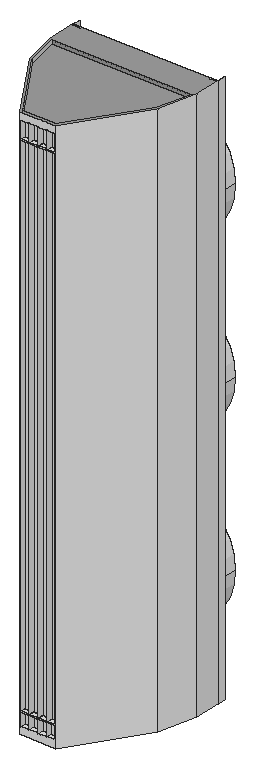
Revit family "Guard Pro 200C", category Wyposażenie mechaniczne, Revit 2018
Family settings
  Wymiar okrągłego złącza = Użyj średnicy
  Klasyfikacja = Brak
  Typ części = Normalny
  Oparty na płaszczyźnie roboczej = Nie
  Zawsze pionowo = Tak
  Tnij formami wycięć po wczytaniu = Nie
  Współdzielony = Nie
  Punkt obliczania pomieszczeń = Nie
Parameters (values of type "Guard Pro 200C")
  скорость воздушного потока [instance] = 0.0 m/s
  материал = Powder lak coated Steel
  двигатель потребление тока = 3.6 A
  Напряжение питания = 230 V
  Мощность электродвигателя = 750 W
  Масса = 51.00 kg
  Максимальный расход воздуха = 9200 m³/h
  Максимальная высота двери = 8 mm
  Класс защиты = "IP54"
  Длина завесы = 2000 mm
  Диаметры патрубков = "19.1"
  Opis = "Промышленная воздушно-тепловая завеса"
  вентилятор3 = yes
  Высота вентилятора 3 = 1620 mm
  Высота вентилятора 2 = 1000 mm
  Высота вентилятора 1 = 380 mm
  Producent = "SONNIGER Polska Sp. z o.o. Sp. k."
  Model = "Guard Pro 200C"
  Autor = "www.archispace.pl"
Reference planes
  plane 1 "Środek (Przód/Tył)": y = 0
  plane 2: z = 0
  plane 3 "Środek (Lewa/Prawa)": x = 0
  plane 4 "wysokość": z = 2000
Forms (mm)
  Extrusion 1, solid, material "Powder lak coated Steel" <- "материал"
    sketch origin (0, 0, 0) x (1, 0, 0) y (0, 1, 0)
      loop
        line (-260, 0) -> (-260, -98) -> (-228.987, -228) -> (-64, -480) -> (64, -480) -> (228.987, -228) -> (260.988, -93.861) -> (260.988, 0) -> (-260, 0)
    from 0 to 2000
  Extrusion 2, void, detail levels fine
    sketch origin (-64, -480, 0) x (-1, 0, 0) y (0, 0, 1)
      loop
        line (-31.536, 1910.02) -> (-31.536, 75.02) -> (-1.411, 75.02) -> (-1.411, 1910.02) -> (-31.536, 1910.02)
      loop
        line (-33.036, 1910.02) -> (-63.161, 1910.02) -> (-63.161, 75.02) -> (-33.036, 75.02) -> (-33.036, 1910.02)
      loop
        line (-64.661, 75.02) -> (-64.661, 1910.02) -> (-94.786, 1910.02) -> (-94.786, 75.02) -> (-64.661, 75.02)
      loop
        line (-96.411, 1910.02) -> (-126.411, 1910.02) -> (-126.411, 75.02) -> (-96.411, 75.02) -> (-96.411, 1910.02)
      loop
        line (-96.411, 1911.52) -> (-96.411, 1974.42) -> (-126.411, 1974.42) -> (-126.411, 1911.52) -> (-96.411, 1911.52)
      loop
        line (-94.786, 1911.52) -> (-64.661, 1911.52) -> (-64.661, 1974.42) -> (-94.786, 1974.42) -> (-94.786, 1911.52)
      loop
        line (-63.161, 1911.52) -> (-33.036, 1911.52) -> (-33.036, 1974.42) -> (-63.161, 1974.42) -> (-63.161, 1911.52)
      loop
        line (-31.536, 1911.52) -> (-1.411, 1911.52) -> (-1.411, 1974.42) -> (-31.536, 1974.42) -> (-31.536, 1911.52)
      loop
        line (-1.411, 25.62) -> (-1.411, 73.52) -> (-31.536, 73.52) -> (-31.536, 25.62) -> (-1.411, 25.62)
      loop
        line (-33.036, 73.52) -> (-63.161, 73.52) -> (-63.161, 25.62) -> (-33.036, 25.62) -> (-33.036, 73.52)
      loop
        line (-64.661, 73.52) -> (-94.786, 73.52) -> (-94.786, 25.62) -> (-64.661, 25.62) -> (-64.661, 73.52)
      loop
        line (-96.286, 73.52) -> (-126.411, 73.52) -> (-126.411, 25.62) -> (-96.286, 25.62) -> (-96.286, 73.52)
    from 0 to 20
  Extrusion 3, solid, material "Powder lak coated Steel" <- "материал"
    sketch origin (-1359.541, 0, 0) x (1, 0, 0) y (0, 0, -1)
      loop
        circle (1360.528, -380) r 242
    from 0 to 98
  Extrusion 4, solid, material "Powder lak coated Steel" <- "материал"
    sketch origin (-1359.541, 0, 676) x (1, 0, 0) y (0, 0, -1)
      loop
        circle (1360.528, -324) r 242
    from 0 to 98
  Extrusion 5, solid, material "Powder lak coated Steel" <- "материал", visible <- "вентилятор3"
    sketch origin (0, 0, 0) x (1, 0, 0) y (0, 0, 1)
      loop
        circle (0, 1620) r 243
    from 0 to -98
  Extrusion 6, solid, material "Powder lak coated Steel" <- "материал", visible <- "вентилятор3", detail levels coarse
    sketch origin (0, 98, 0) x (-1, 0, 0) y (0, 0, 1)
      loop
        circle (0, 1620) r 40.517
    from 0 to 28.5
  Extrusion 7, solid, material "Powder lak coated Steel" <- "материал", detail levels coarse
    sketch origin (-1359.541, 98, 676) x (1, 0, 0) y (0, 0, -1)
      loop
        circle (1358.702, -324) r 40.77
    from 0 to 28.5
  Extrusion 8, solid, material "Powder lak coated Steel" <- "материал", detail levels coarse
    sketch origin (-1359.541, 98, 0) x (1, 0, 0) y (0, 0, -1)
      loop
        circle (1359.541, -380) r 41.364
    from 0 to 28.5
  Extrusion 9, solid, material "Powder lak coated Steel" <- "материал", detail levels medium+fine
    sketch origin (0, 0, 0) x (1, 0, 0) y (0, 1, 0)
      loop
        line (-257.512, 2.502) -> (-257.512, 30) -> (-259.012, 30) -> (-259.012, 2.5)
        arc (-259.012, 2.5) -> (-258.28, 0.732) -> (-256.512, 0) r 2.5
        line (-256.512, 0) -> (-231.985, 0) -> (-231.985, 1.5) -> (-256.512, 1.5)
        arc (-256.512, 1.5) -> (-257.22, 1.795) -> (-257.512, 2.502) r 1
      loop
        line (259.488, 30) -> (259.488, 2.5)
        arc (259.488, 2.5) -> (259.195, 1.793) -> (258.488, 1.5) r 1
        line (258.488, 1.5) -> (233.988, 1.5) -> (233.988, 0) -> (258.488, 0)
        arc (258.488, 0) -> (260.255, 0.735) -> (260.988, 2.503) r 2.5
        line (260.988, 2.503) -> (260.988, 30) -> (259.488, 30)
    from 0 to 2000
  Extrusion 10, void, detail levels medium+fine
    sketch origin (0, 0, 0) x (1, 0, 0) y (0, 1, 0)
      loop
        line (60.875, -473.318) -> (221.487, -228) -> (250.687, -105.6) -> (-250.687, -105.6) -> (-221.487, -228) -> (-60.875, -473.318) -> (60.875, -473.318)
    from 1985.666 to 2433.194
  Extrusion 11, void, detail levels medium+fine
    sketch origin (0, 0, 0) x (1, 0, 0) y (0, 1, 0)
      loop
        line (-221.487, -228) -> (-60.875, -473.318) -> (60.875, -473.318) -> (221.487, -228) -> (250.687, -105.6) -> (-250.687, -105.6) -> (-221.487, -228)
    from -69.313 to 11.43
  Extrusion 12, solid, detail levels medium+fine
    sketch origin (-1359.541, 98, 676) x (1, 0, 0) y (0, 0, -1)
      loop
        line (1345.504, 257.295) -> (1372.553, 257.295)
        arc (1372.553, 257.295) -> (1388.02, 267.009) -> (1397.733, 282.475) r 41
        line (1397.733, 282.475) -> (1397.733, 309.525)
        arc (1397.733, 309.525) -> (1388.02, 324.991) -> (1372.553, 334.705) r 41
        line (1372.553, 334.705) -> (1345.504, 334.705)
        arc (1345.504, 334.705) -> (1330.037, 324.991) -> (1320.323, 309.525) r 41
        line (1320.323, 309.525) -> (1320.323, 282.475)
        arc (1320.323, 282.475) -> (1330.037, 267.009) -> (1345.504, 257.295) r 41
    from 0 to 28.5
  Extrusion 13, solid, visible <- "вентилятор3", detail levels medium+fine
    sketch origin (-1359.541, 98, 1206.324) x (1, 0, 0) y (0, 0, -1)
      loop
        line (1345.504, -452.381) -> (1372.553, -452.381)
        arc (1372.553, -452.381) -> (1388.02, -442.668) -> (1397.733, -427.201) r 41
        line (1397.733, -427.201) -> (1397.733, -400.152)
        arc (1397.733, -400.152) -> (1388.02, -384.685) -> (1372.553, -374.971) r 41
        line (1372.553, -374.971) -> (1345.504, -374.971)
        arc (1345.504, -374.971) -> (1330.037, -384.685) -> (1320.323, -400.152) r 41
        line (1320.323, -400.152) -> (1320.323, -427.201)
        arc (1320.323, -427.201) -> (1330.037, -442.668) -> (1345.504, -452.381) r 41
    from 0 to 28.5
  Extrusion 14, solid, detail levels medium+fine
    sketch origin (-1359.541, 98, 1352.306) x (1, 0, 0) y (0, 0, -1)
      loop
        line (1345.504, 313.601) -> (1372.553, 313.601)
        arc (1372.553, 313.601) -> (1388.02, 323.314) -> (1397.733, 338.781) r 41
        line (1397.733, 338.781) -> (1397.733, 365.83)
        arc (1397.733, 365.83) -> (1388.02, 381.297) -> (1372.553, 391.011) r 41
        line (1372.553, 391.011) -> (1345.504, 391.011)
        arc (1345.504, 391.011) -> (1330.037, 381.297) -> (1320.323, 365.83) r 41
        line (1320.323, 365.83) -> (1320.323, 338.781)
        arc (1320.323, 338.781) -> (1330.037, 323.314) -> (1345.504, 313.601) r 41
    from 0 to 28.5
Cuts and joins
  Extrusion 2, Extrusion 10, Extrusion 11 cuts Extrusion 1
Lines and regions (mm)
  Split face 1
    outline origin (228.987, -228, 2500) x (0, 0, -1) y (0.23205, 0.972704, 0)
      loop
        line (532.508, 13.225) -> (768.508, 13.225) -> (768.508, 75.225) -> (532.508, 75.225) -> (532.508, 13.225)
Dimensions and locks
  "Длина завесы": plane 4 "wysokość" to level
  "Высота вентилятора 1": cut or joined group of Extrusion 1, Extrusion 2, Extrusion 10, Extrusion 11 to Extrusion 3 sketch curve
  "Высота вентилятора 2": cut or joined group of Extrusion 1, Extrusion 2, Extrusion 10, Extrusion 11 to Extrusion 4 sketch curve
  "Высота вентилятора 3": level to Extrusion 5 sketch curve
  "Высота вентилятора 3": cut or joined group of Extrusion 1, Extrusion 2, Extrusion 10, Extrusion 11 to Extrusion 6 sketch curve
  "Высота вентилятора 2": level to Extrusion 7 sketch curve
  "Высота вентилятора 1": cut or joined group of Extrusion 1, Extrusion 2, Extrusion 10, Extrusion 11 to Extrusion 8 sketch curve
  locked: cut or joined group of Extrusion 1, Extrusion 2, Extrusion 10, Extrusion 11 to plane 4 "wysokość" at 14.334
  "Высота вентилятора 1": level to Extrusion 12 sketch curve
  "Высота вентилятора 2": level to Extrusion 14 sketch curve
  "Высота вентилятора 3": level to Extrusion 13 sketch curve
  locked: cut or joined group of Extrusion 1, Extrusion 2, Extrusion 10, Extrusion 11 to Split face 1 at 32.508
  aligned and locked: level to plane 2
  aligned and locked: plane 4 "wysokość" to Extrusion 1
  aligned and locked: Extrusion 6 to Extrusion 7
  aligned and locked: Extrusion 8 to Extrusion 3
  aligned and locked: Extrusion 8 to Extrusion 7
  aligned and locked: plane 4 "wysokość" to Extrusion 9
  aligned and locked: Extrusion 12 to Extrusion 3
Automatic sketch dimensions
  plane 1 "Środek (Przód/Tył)" to Extrusion 1 sketch curve = 0 mm
  plane 1 "Środek (Przód/Tył)" to Extrusion 1 sketch curve = 98 mm
  Extrusion 1 sketch curve to plane 3 "Środek (Lewa/Prawa)" = 260 mm
  Extrusion 1 sketch curve to Extrusion 1 sketch curve = 31.013 mm
  Extrusion 1 sketch curve to plane 3 "Środek (Lewa/Prawa)" = 64 mm
  plane 3 "Środek (Lewa/Prawa)" to Extrusion 1 sketch curve = 64 mm
  plane 3 "Środek (Lewa/Prawa)" to Extrusion 1 sketch curve = 228.987 mm
  Extrusion 1 sketch curve to Extrusion 1 sketch curve = 32.001 mm
  Extrusion 1 sketch curve to Extrusion 1 sketch curve = 130 mm
  plane 1 "Środek (Przód/Tył)" to Extrusion 1 sketch curve = 228 mm
  Extrusion 1 sketch curve to Extrusion 1 sketch curve = 252 mm
  Extrusion 1 sketch curve to Extrusion 1 sketch curve = 93.861 mm
  Extrusion 1 to Extrusion 2 sketch curve = 1.589 mm  (x3)
  Extrusion 2 sketch curve to Extrusion 2 sketch curve = 30 mm
  Extrusion 2 sketch curve to Extrusion 2 sketch curve = 0 mm  (x13)
  Extrusion 2 sketch curve to Extrusion 2 sketch curve = 0.125 mm
  Extrusion 2 sketch curve to Extrusion 2 sketch curve = 1.625 mm  (x2)
  Extrusion 2 sketch curve to Extrusion 2 sketch curve = 1.5 mm  (x14)
  Extrusion 2 sketch curve to Extrusion 2 sketch curve = 30.125 mm  (x3)
  Extrusion 2 sketch curve to Extrusion 1 = 1.411 mm  (x3)
  Extrusion 2 sketch curve to Extrusion 1 = 25.62 mm  (x2)
  Extrusion 2 sketch curve to Extrusion 2 sketch curve = 47.9 mm
  Extrusion 2 sketch curve to Extrusion 1 = 89.98 mm  (x2)
  Extrusion 2 sketch curve to Extrusion 1 = 25.58 mm  (x3)
  plane 1 "Środek (Przód/Tył)" to Extrusion 9 sketch curve = 0 mm  (x2)
  Extrusion 9 sketch curve to plane 1 "Środek (Przód/Tył)" = 30 mm
  Extrusion 9 sketch curve to plane 3 "Środek (Lewa/Prawa)" = 259.012 mm
  Extrusion 9 sketch curve to Extrusion 9 sketch curve = 1.5 mm  (x3)
  Extrusion 9 sketch curve to Extrusion 9 sketch curve = 1 mm  (x3)
  Extrusion 9 sketch curve to Extrusion 9 sketch curve = 0 mm  (x10)
  Extrusion 9 sketch curve to plane 1 "Środek (Przód/Tył)" = 1.5 mm
  Extrusion 9 sketch curve to Extrusion 9 sketch curve = 24.528 mm
  plane 3 "Środek (Lewa/Prawa)" to Extrusion 9 sketch curve = 233.988 mm
  Extrusion 9 sketch curve to plane 1 "Środek (Przód/Tył)" = 2.503 mm
  Extrusion 9 sketch curve to Extrusion 9 sketch curve = 24.5 mm
  Extrusion 9 sketch curve to Extrusion 9 sketch curve = 0.003 mm
  Extrusion 9 sketch curve to Extrusion 9 sketch curve = 0.002 mm
  Extrusion 9 sketch curve to Extrusion 9 sketch curve = 27.5 mm
  plane 1 "Środek (Przód/Tył)" to Extrusion 10 sketch curve = 105.6 mm
  Extrusion 10 sketch curve to plane 3 "Środek (Lewa/Prawa)" = 250.687 mm
  Extrusion 10 sketch curve to Extrusion 10 sketch curve = 29.2 mm  (x2)
  Extrusion 10 sketch curve to plane 3 "Środek (Lewa/Prawa)" = 60.875 mm
  plane 3 "Środek (Lewa/Prawa)" to Extrusion 10 sketch curve = 60.875 mm
  plane 3 "Środek (Lewa/Prawa)" to Extrusion 10 sketch curve = 221.487 mm
  Extrusion 10 sketch curve to Extrusion 10 sketch curve = 122.4 mm  (x2)
  Extrusion 10 sketch curve to Extrusion 10 sketch curve = 245.318 mm
  plane 1 "Środek (Przód/Tył)" to Extrusion 11 sketch curve = 105.6 mm
  Extrusion 11 sketch curve to plane 3 "Środek (Lewa/Prawa)" = 250.687 mm
  Extrusion 11 sketch curve to Extrusion 11 sketch curve = 29.2 mm  (x2)
  Extrusion 11 sketch curve to plane 3 "Środek (Lewa/Prawa)" = 60.875 mm
  plane 3 "Środek (Lewa/Prawa)" to Extrusion 11 sketch curve = 60.875 mm
  plane 3 "Środek (Lewa/Prawa)" to Extrusion 11 sketch curve = 221.487 mm
  Extrusion 11 sketch curve to Extrusion 11 sketch curve = 122.4 mm  (x2)
  Extrusion 11 sketch curve to Extrusion 11 sketch curve = 245.318 mm
  Split face 1 sketch curve to cut or joined group of Extrusion 1, Extrusion 2, Extrusion 10, Extrusion 11 = 32.508 mm
  Split face 1 sketch curve to cut or joined group of Extrusion 1, Extrusion 2, Extrusion 10, Extrusion 11 = 62.679 mm
  Split face 1 sketch curve to Split face 1 sketch curve = 236 mm
  cut or joined group of Extrusion 1, Extrusion 2, Extrusion 10, Extrusion 11 to Split face 1 sketch curve = 13.225 mm
  Extrusion 3 sketch curve to Extrusion 1 = 260 mm
  Extrusion 4 sketch curve to Extrusion 1 = 260 mm
  Extrusion 5 sketch curve to plane 3 "Środek (Lewa/Prawa)" = 0 mm
  Extrusion 12 sketch curve to Extrusion 12 sketch curve = 0 mm  (x6)
  Extrusion 12 sketch curve to plane 3 "Środek (Lewa/Prawa)" = 39.218 mm
  Extrusion 12 sketch curve to plane 3 "Środek (Lewa/Prawa)" = 14.037 mm  (x2)
  Extrusion 12 sketch curve to plane 3 "Środek (Lewa/Prawa)" = 0.512 mm
  plane 3 "Środek (Lewa/Prawa)" to Extrusion 12 sketch curve = 13.012 mm  (x2)
  Extrusion 12 sketch curve to Extrusion 12 sketch curve = 25.18 mm
  Extrusion 12 sketch curve to Extrusion 12 sketch curve = 13.525 mm
  Extrusion 12 sketch curve to Extrusion 12 sketch curve = 27.049 mm
  Extrusion 13 sketch curve to Extrusion 13 sketch curve = 0 mm  (x6)
  Extrusion 13 sketch curve to plane 3 "Środek (Lewa/Prawa)" = 39.218 mm
  Extrusion 13 sketch curve to plane 3 "Środek (Lewa/Prawa)" = 14.037 mm  (x2)
  Extrusion 13 sketch curve to plane 3 "Środek (Lewa/Prawa)" = 0.512 mm
  plane 3 "Środek (Lewa/Prawa)" to Extrusion 13 sketch curve = 13.012 mm  (x2)
  Extrusion 13 sketch curve to Extrusion 13 sketch curve = 25.18 mm
  Extrusion 13 sketch curve to Extrusion 13 sketch curve = 13.525 mm
  Extrusion 13 sketch curve to Extrusion 13 sketch curve = 27.049 mm
  Extrusion 14 sketch curve to Extrusion 14 sketch curve = 0 mm  (x6)
  Extrusion 14 sketch curve to plane 3 "Środek (Lewa/Prawa)" = 39.218 mm
  Extrusion 14 sketch curve to plane 3 "Środek (Lewa/Prawa)" = 14.037 mm  (x2)
  Extrusion 14 sketch curve to plane 3 "Środek (Lewa/Prawa)" = 0.512 mm
  plane 3 "Środek (Lewa/Prawa)" to Extrusion 14 sketch curve = 13.012 mm  (x2)
  Extrusion 14 sketch curve to Extrusion 14 sketch curve = 25.18 mm
  Extrusion 14 sketch curve to Extrusion 14 sketch curve = 13.525 mm
  Extrusion 14 sketch curve to Extrusion 14 sketch curve = 27.049 mm
  radius of Extrusion 3 sketch curve = 242 mm
  radius of Extrusion 4 sketch curve = 242 mm
  radius of Extrusion 5 sketch curve = 243 mm
  radius of Extrusion 6 sketch curve = 40.517 mm
  radius of Extrusion 7 sketch curve = 40.77 mm
  radius of Extrusion 8 sketch curve = 41.364 mm
Connectors
  electrical at (0.494, 0, 1000), driven by "Напряжение питания"
    settings: on cut or joined group of Extrusion 1, Extrusion 2, Extrusion 10, Extrusion 11, index 1, voltage 230 V, apparent load 0.0 kVA, apparent load phase1 0.5 kVA, apparent load phase2 0.0 kVA, apparent load phase3 0.0 kVA, power factor 1, load classification "Moc", number of poles 1, system type 31, power factor state 1, is connector primary yes, connector utility no, sub classification motor no, connector description ""
